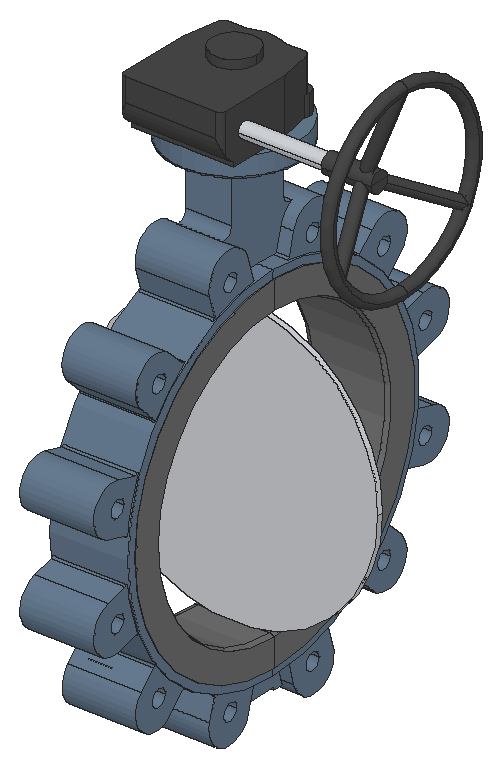
Revit family "Запорно-регулирующая заслонка с ручным редукторным приводом AF-4219", category Rohrzubehör, Revit 2021 (continued)
Definition of nested family "Getriebe für Klappe DN50-DN200"
  Dimensions and locks
    "R02": radius of Extrusion 1 sketch curve  (x4)
    "R01": radius of Extrusion 1 sketch curve
    "R03": radius of Extrusion 2 sketch curve  (x2)
    "R06": radius of Revolve 6 sketch curve
    "W01": angle Extrusion 1 sketch curve to Extrusion 1 sketch curve  (x2)
    aligned and locked: level to plane 2
  Automatic sketch dimensions
    Extrusion 3 sketch curve to level = 0 mm
    plane 1 "Mitte (Vorne/hinten)" to Extrusion 3 sketch curve = 80 mm
    Extrusion 3 sketch curve to Extrusion 3 sketch curve = 15.427 mm
    Extrusion 3 sketch curve to Extrusion 3 sketch curve = 13.173 mm
    level to Extrusion 3 sketch curve = 4.9 mm
    plane 1 "Mitte (Vorne/hinten)" to Extrusion 5 sketch curve = 0 mm
    Extrusion 5 sketch curve to plane 3 "Mitte (Links/rechts)" = 0 mm
    level to Revolve 7 sketch curve = 28.6 mm  (x2)
    plane 3 "Mitte (Links/rechts)" to Revolve 7 sketch curve = 172 mm
    level to Revolve 7 sketch curve = 26.361 mm
    Revolve 7 sketch curve to Revolve 7 sketch curve = 5.567 mm
    level to Revolve 7 sketch curve = 120.6 mm
    Revolve 7 sketch curve to Revolve 7 sketch curve = 0 mm  (x3)
    plane 3 "Mitte (Links/rechts)" to Revolve 10 sketch curve = 172 mm
    Revolve 10 sketch curve to Revolve 10 sketch curve = 5.567 mm
    Revolve 10 sketch curve to Revolve 10 sketch curve = 37 mm
    Revolve 10 sketch curve to Revolve 10 sketch curve = 2.239 mm
    Revolve 10 sketch curve to Revolve 10 sketch curve = 0 mm  (x4)
    plane 3 "Mitte (Links/rechts)" to Revolve 9 sketch curve = 172 mm
    Revolve 9 sketch curve to Revolve 9 sketch curve = 5.567 mm
    Revolve 9 sketch curve to Revolve 9 sketch curve = 37 mm
    Revolve 9 sketch curve to Revolve 9 sketch curve = 2.239 mm
    Revolve 9 sketch curve to Revolve 9 sketch curve = 0 mm  (x4)
    Extrusion 1 sketch curve to plane 3 "Mitte (Links/rechts)" = 0 mm
    plane 1 "Mitte (Vorne/hinten)" to Extrusion 1 sketch curve = 0 mm  (x2)
    Extrusion 1 sketch curve to plane 1 "Mitte (Vorne/hinten)" = 35.392 mm
    Extrusion 1 sketch curve to Extrusion 1 sketch curve = 18.48 mm  (x2)
    Extrusion 2 sketch curve to plane 3 "Mitte (Links/rechts)" = 35.7 mm
    plane 3 "Mitte (Links/rechts)" to Extrusion 2 sketch curve = 35.7 mm
    Revolve 4 sketch curve to plane 3 "Mitte (Links/rechts)" = 0 mm  (x2)
    Revolve 4 sketch curve to Revolve 4 sketch curve = 0 mm  (x2)
    Revolve 6 sketch curve to plane 3 "Mitte (Links/rechts)" = 1506.53 mm
    Revolve 6 sketch curve to Revolve 6 sketch curve = 1630.148 mm
    Revolve 8 sketch curve to Revolve 8 sketch curve = 7.5 mm
    Revolve 8 sketch curve to Revolve 8 sketch curve = 0 mm  (x2)
    radius of Extrusion 5 sketch curve = 22.3 mm
Definition of nested family "Getriebe für Klappe DN250-DN300"
  Parameters (values of type "Getriebe für Klappe DN250-DN300")
    W01 = 11.19°  # constant formula
    Default Elevation = 0 mm
    URL = "www.herz-armaturen.at"
    R07 = 92 mm  # constant formula
    R06 = 6 mm  # constant formula
    R05 = 10 mm  # constant formula
    R04 = 7.5 mm  # constant formula
    R03 = 10.5 mm  # constant formula
    R02 = 5.4 mm  # constant formula
    R01 = 44.9 mm  # constant formula
    M01 = 37 mm  # constant formula
    L03 = 52 mm  # constant formula
    L02 = 39.6 mm  # constant formula
    L01 = 80 mm  # constant formula
    Manufacturer = "Herz-Armaturen GmbH"  # constant formula
    H03 = 28.6 mm  # constant formula
    H02 = 20 mm  # constant formula
    H01 = 54 mm  # constant formula
    B05 = 209 mm  # constant formula
    B04 = 22 mm  # constant formula
    B03 = 50 mm  # constant formula
    B02 = 159 mm  # constant formula
    B01 = 51 mm  # constant formula
    A01 = 28.6 mm  # constant formula
  Reference planes
    plane 1 "Mitte (Vorne/hinten)": y = 0
    plane 2: z = 0
    plane 3 "Mitte (Links/rechts)": x = 0
  Forms (mm)
    Extrusion 1, solid, detail levels fine
      sketch origin (0, 0, 0) x (1, 0, 0) y (0, 1, 0)
        loop
          line (51, 0) -> (43.999, 35.392)
          arc (43.999, 35.392) -> (42.103, 38.419) -> (38.732, 39.6) r 5.4
          line (38.732, 39.6) -> (20.252, 39.6)
          arc (20.252, 39.6) -> (0, 44.427) -> (-20.252, 39.6) r 44.9
          line (-20.252, 39.6) -> (-38.732, 39.6)
          arc (-38.732, 39.6) -> (-42.103, 38.419) -> (-43.999, 35.392) r 5.4
          line (-43.999, 35.392) -> (-51, 0) -> (-51, -74.6)
          arc (-51, -74.6) -> (-49.418, -78.418) -> (-45.6, -80) r 5.4
          line (-45.6, -80) -> (45.6, -80)
          arc (45.6, -80) -> (49.418, -78.418) -> (51, -74.6) r 5.4
          line (51, -74.6) -> (51, 0)
      from 0 to 54
    Extrusion 2, solid, detail levels fine
      sketch origin (0, 0, 0) x (1, 0, 0) y (0, 1, 0)
        loop
          circle (-35.7, 37) r 10.5
        loop
          circle (35.7, 37) r 10.5
      from 0 to 20
    Extrusion 3, void
      sketch origin (0, 0, 0) x (0, 1, 0) y (0, 0, 1)
        loop
          line (-80, 0) -> (-64.573, 0) -> (-64.573, 4.9)
          arc (-64.573, 4.9) -> (-75.841, 15.433) -> (-80, 30.286) r 28.6
          line (-80, 30.286) -> (-80, 0)
      from -51 to 51
    Revolve 4, solid, detail levels fine
      sketch origin (0, 0, 28.6) x (1, 0, 0) y (0, 1, 0)
        loop
          line (0, -52) -> (0, -59.5) -> (159, -59.5) -> (159, -52) -> (0, -52)
        axis (0, -52) -> (159, -52)
      angle from 0 to 360
    Extrusion 5, solid, detail levels fine
      sketch origin (0, 0, 0) x (1, 0, 0) y (0, 1, 0)
        loop
          circle (0, 0) r 22.3
      from 54 to 62.5
    Revolve 6, solid, detail levels fine
      sketch origin (0, -52, 28.6) x (1, 0, 0) y (0, 0, 1)
        loop
          circle (209, 92) r 6
        axis (203, 0) -> (215, 0)
      angle from 0 to 360
    Revolve 7, solid, detail levels fine
      sketch origin (0, -52, 0) x (1, 0, 0) y (0, 0, 1)
        loop
          line (209, 120.6) -> (172, 28.6) -> (177.567, 26.361) -> (214.567, 118.361) -> (209, 120.6)
        axis (172, 28.6) -> (209, 120.6)
      angle from 0 to 360
    Revolve 8, solid, detail levels fine
      sketch origin (0, 0, 28.6) x (1, 0, 0) y (0, 1, 0)
        loop
          line (137, -59.5) -> (137, -62) -> (187, -62) -> (187, -52) -> (159, -52) -> (159, -59.5) -> (137, -59.5)
        axis (137, -52) -> (187, -52)
      angle from 0 to 360
    Revolve 9, solid, detail levels fine
      sketch origin (0, -27.232, 42.9) x (1, 0, 0) y (0, -0.866025, -0.5)
        loop
          line (209, 120.6) -> (172, 28.6) -> (177.567, 26.361) -> (214.567, 118.361) -> (209, 120.6)
        axis (172, 28.6) -> (209, 120.6)
      angle from 0 to 360
    Revolve 10, solid, detail levels fine
      sketch origin (0, -76.768, 42.9) x (1, 0, 0) y (0, 0.866025, -0.5)
        loop
          line (209, 120.6) -> (172, 28.6) -> (177.567, 26.361) -> (214.567, 118.361) -> (209, 120.6)
        axis (172, 28.6) -> (209, 120.6)
      angle from 0 to 360
  Cuts and joins
    Extrusion 3 cuts Extrusion 1
  Dimensions and locks
    "B01": Extrusion 1 sketch curve to plane 3 "Mitte (Links/rechts)"
    "B01": plane 3 "Mitte (Links/rechts)" to Extrusion 1 sketch curve
    "L02": plane 1 "Mitte (Vorne/hinten)" to Extrusion 1 sketch curve  (x2)
    "L01": Extrusion 1 sketch curve to plane 1 "Mitte (Vorne/hinten)"
    "M01": plane 1 "Mitte (Vorne/hinten)" to Extrusion 2 sketch curve  (x2)
    "H01": Extrusion 1 to plane 2
    "H02": Extrusion 2 to plane 2
    "L03": Revolve 4 sketch curve to plane 1 "Mitte (Vorne/hinten)"
    "R04": Revolve 4 sketch curve to Revolve 4 sketch curve
    "B02": Revolve 4 sketch curve to Revolve 4 sketch curve
    "H03": Revolve 8 to plane 2
    "H03": Revolve 4 to plane 2
    "L03": Revolve 8 sketch curve to plane 1 "Mitte (Vorne/hinten)"
    "B02": plane 3 "Mitte (Links/rechts)" to Revolve 8 sketch curve
    "R05": Revolve 8 sketch curve to Revolve 8 sketch curve
    "B03": Revolve 8 sketch curve to Revolve 8 sketch curve
    "B04": Revolve 8 sketch curve to Revolve 8 sketch curve
    "R04": Revolve 8 sketch curve to Revolve 8 sketch curve
    "B05": Revolve 6 sketch curve to plane 3 "Mitte (Links/rechts)"
    "R07": Revolve 6 sketch curve to Revolve 6 sketch curve
    "A01": plane 2 to Revolve 6 sketch curve
    "R02": radius of Extrusion 1 sketch curve  (x4)
    "R01": radius of Extrusion 1 sketch curve
    "R03": radius of Extrusion 2 sketch curve  (x2)
    "R06": radius of Revolve 6 sketch curve
    "W01": angle Extrusion 1 sketch curve to Extrusion 1 sketch curve  (x2)
    aligned and locked: level to plane 2
  Automatic sketch dimensions
    Extrusion 3 sketch curve to level = 0 mm
    plane 1 "Mitte (Vorne/hinten)" to Extrusion 3 sketch curve = 80 mm
    Extrusion 3 sketch curve to Extrusion 3 sketch curve = 15.427 mm
    Extrusion 3 sketch curve to Extrusion 3 sketch curve = 13.173 mm
    level to Extrusion 3 sketch curve = 4.9 mm
    plane 1 "Mitte (Vorne/hinten)" to Extrusion 5 sketch curve = 0 mm
    Extrusion 5 sketch curve to plane 3 "Mitte (Links/rechts)" = 0 mm
    level to Revolve 7 sketch curve = 28.6 mm  (x2)
    plane 3 "Mitte (Links/rechts)" to Revolve 7 sketch curve = 172 mm
    level to Revolve 7 sketch curve = 26.361 mm
    Revolve 7 sketch curve to Revolve 7 sketch curve = 5.567 mm
    level to Revolve 7 sketch curve = 120.6 mm
    Revolve 7 sketch curve to Revolve 7 sketch curve = 0 mm  (x3)
    plane 3 "Mitte (Links/rechts)" to Revolve 10 sketch curve = 172 mm
    Revolve 10 sketch curve to Revolve 10 sketch curve = 5.567 mm
    Revolve 10 sketch curve to Revolve 10 sketch curve = 37 mm
    Revolve 10 sketch curve to Revolve 10 sketch curve = 2.239 mm
    Revolve 10 sketch curve to Revolve 10 sketch curve = 0 mm  (x4)
    plane 3 "Mitte (Links/rechts)" to Revolve 9 sketch curve = 172 mm
    Revolve 9 sketch curve to Revolve 9 sketch curve = 5.567 mm
    Revolve 9 sketch curve to Revolve 9 sketch curve = 37 mm
    Revolve 9 sketch curve to Revolve 9 sketch curve = 2.239 mm
    Revolve 9 sketch curve to Revolve 9 sketch curve = 0 mm  (x4)
    Extrusion 1 sketch curve to plane 3 "Mitte (Links/rechts)" = 0 mm
    plane 1 "Mitte (Vorne/hinten)" to Extrusion 1 sketch curve = 0 mm  (x2)
    Extrusion 1 sketch curve to plane 1 "Mitte (Vorne/hinten)" = 35.392 mm
    Extrusion 1 sketch curve to Extrusion 1 sketch curve = 18.48 mm  (x2)
    Extrusion 2 sketch curve to plane 3 "Mitte (Links/rechts)" = 35.7 mm
    plane 3 "Mitte (Links/rechts)" to Extrusion 2 sketch curve = 35.7 mm
    Revolve 4 sketch curve to plane 3 "Mitte (Links/rechts)" = 0 mm  (x2)
    Revolve 4 sketch curve to Revolve 4 sketch curve = 0 mm  (x2)
    Revolve 6 sketch curve to plane 3 "Mitte (Links/rechts)" = 1506.53 mm
    Revolve 6 sketch curve to Revolve 6 sketch curve = 1630.148 mm
    Revolve 8 sketch curve to Revolve 8 sketch curve = 7.5 mm
    Revolve 8 sketch curve to Revolve 8 sketch curve = 0 mm  (x2)
    radius of Extrusion 5 sketch curve = 22.3 mm
